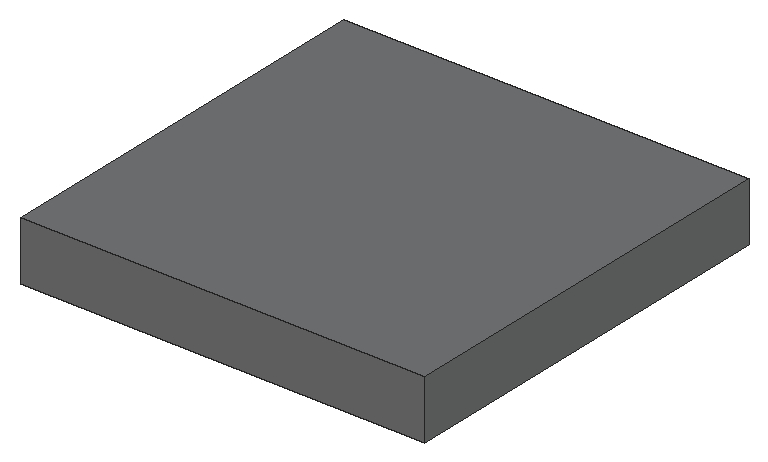
Revit family "Gira_536601", category Electrical Fixtures, host Face, Revit 2017
Family settings
  Host = Face
  Maintain Annotation Orientation = No
  Round Connector Dimension = Use Diameter
  Part Type = Normal
  Cut with Voids When Loaded = No
  Shared = No
  Room Calculation Point = No
Parameters (values of type "S3000 Jal.- + Schaltuhr Display System 55 Cremeweiß")
  Werkstoffgüte = "sonstige"
  Werkstoff = "sonstige"
  URL = "http://katalog.gira.de/de_DE/datenblatt.html?artikelnr=536601"
  Transparent = "No"
  Region = "DE"
  RAL-Nummer (ähnlich) = "1013 "
  Oberfläche = "sonstige"
  Name = "S3000 Jal.- + Schaltuhr Display System 55 Cremeweiß"
  Mit LED-Anzeige = "Yes"
  Mit Abdeckung = "Yes"
  Manufacturer URL = "https://www.gira.de/"
  Keynote = "Sys55_Abdeckung_Schalten und Tasten"
  HeinzeBIM = "https://bimportal.heinze.de/bim/s3000-jal-schaltuhr-display-system-55-cremeweiss/3fc29223a58cf00ca5c68fb651ba5f4be03ae61e"
  Halogenfrei = "Yes"
  HAN = "536601"
  Geeignet für Schalteinsatz = "No"
  Geeignet für Jalousieeinsatz = "Yes"
  Geeignet für Dimmeinsatz = "No"
  GTIN = "4010337027430"
  Farbe = "cremeweiß (elektroweiß)"
  Default Elevation = 1219.2 mm
  Data sheet (1) = "https://katalog.gira.de/de_DE/download.html?artikelnr=536601"
  Category = "Bedienelement intelligent"
  Available = "Yes"
  Ausführung der Oberfläche = "glänzend"
  Anzahl der Tasten = "2 "
  Anzahl der Betätigungspunkte = "4 "
  Anwendung = "Steuern elektrischer Verbraucher"
  Anthrazit [instance] = Anthrazit
Reference planes
  plane 1 "Center (Front/Back)": y = 0
  plane 2: z = 0
  plane 3 "Center (Left/Right)": x = 0
Forms (mm)
  Extrusion 1, solid, material "Anthrazit" <- "Anthrazit", detail levels fine
    sketch origin (0, 0, 0) x (1, 0, 0) y (0, 1, 0)
      loop
        line (-27.5, 27.5) -> (-27.5, -27.5) -> (27.5, -27.5) -> (27.5, 27.5) -> (-27.5, 27.5)
    from 0 to 8
  Extrusion 2, void
    sketch origin (0, 0, 0) x (1, 0, 0) y (0, 1, 0)
      loop
        line (26, 26) -> (-26, 26) -> (-26, -26) -> (26, -26) -> (26, 26)
    from 0 to 6
  Extrusion 3, solid, material "Anthrazit" <- "Anthrazit", detail levels medium
    sketch origin (0, 0, 0) x (1, 0, 0) y (0, 1, 0)
      loop
        line (-27.5, 27.5) -> (-27.5, -27.5) -> (27.5, -27.5) -> (27.5, 27.5) -> (-27.5, 27.5)
    from 0 to 8
  Extrusion 4, solid, material "Anthrazit" <- "Anthrazit", detail levels medium
    sketch origin (0, 0, 0) x (1, 0, 0) y (0, 1, 0)
      loop
        line (11, -17.5) -> (11, 17.5) -> (-11, 17.5) -> (-11, -17.5) -> (11, -17.5)
    from -6 to 6
  Extrusion 5, solid, material "Anthrazit" <- "Anthrazit", detail levels fine
    sketch origin (0, 0, 0) x (1, 0, 0) y (0, 1, 0)
      loop
        line (11, 17.5) -> (-11, 17.5) -> (-11, 16.5) -> (11, 16.5) -> (11, 17.5)
      loop
        line (-11, -16.5) -> (-11, -17.5) -> (11, -17.5) -> (11, -16.5) -> (-11, -16.5)
    from -4 to 6
  Extrusion 6, solid, material "Anthrazit" <- "Anthrazit", detail levels fine
    sketch origin (0, 0, 0) x (1, 0, 0) y (0, 1, 0)
      loop
        arc (5, 9.347) -> (0, 10.6) -> (-5, 9.347) r 10.6
        line (-5, 9.347) -> (-5, -9.347)
        arc (-5, -9.347) -> (0, -10.6) -> (5, -9.347) r 10.6
        line (5, -9.347) -> (5, 9.347)
    from -6 to 6
  Extrusion 7, solid, material "Anthrazit" <- "Anthrazit", detail levels coarse
    sketch origin (0, 0, 0) x (1, 0, 0) y (0, 1, 0)
      loop
        line (-27.5, 27.5) -> (-27.5, -27.5) -> (27.5, -27.5) -> (27.5, 27.5) -> (-27.5, 27.5)
    from -6 to 8
Cuts and joins
  Extrusion 2 cuts Extrusion 1
Dimensions and locks
  aligned and locked: plane 2 to host face
  aligned and locked: level to host face
